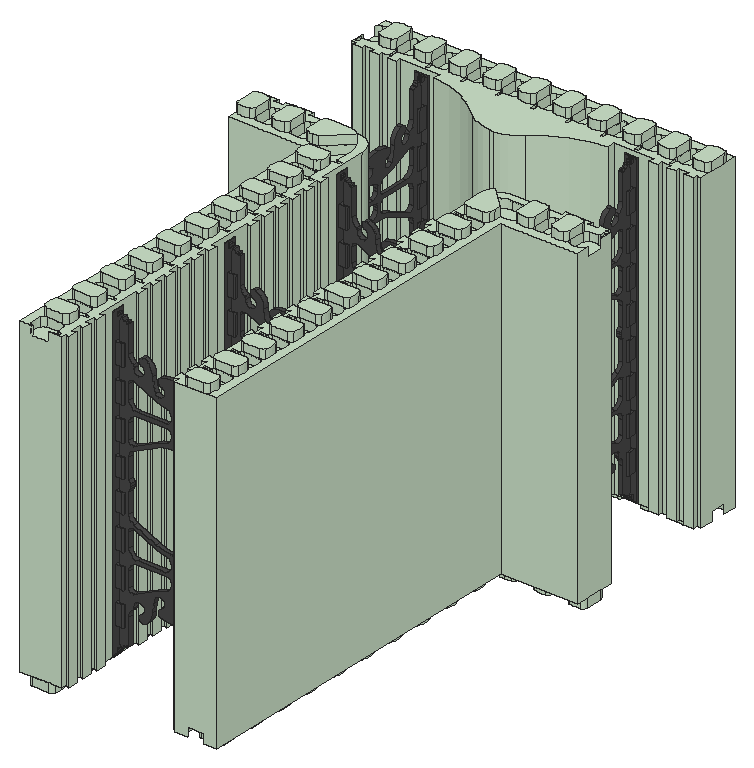
Revit family (continued)
Definition of nested family "NUDURA Logo Diamond"
  Lines and regions (in)
    model lines
      curve 221: arc (11.24744, 0, 5.87855) -> (11.35727, 0, 5.61339) -> (11.62244, 0, 5.50355) r 0.375
      curve 222: arc (12.37244, 0, 5.50355) -> (12.6376, 0, 5.61339) -> (12.74744, 0, 5.87855) r 0.375
      curve 223: line (9.99744, 0, 18) -> (9.99744, 0, 0)
      curve 224: line (13.99744, 0, 18) -> (13.99744, 0, 0)
      curve 225: line (15.99744, 0, 18) -> (15.99744, 0, 0)
Definition of nested family "NUDURA Diamond Pattern Missing Two Lines"
  Reference planes (in)
    plane 1 "Center (Front/Back)": y = 0
    plane 2: z = 0
    plane 3 "Center (Left/Right)": x = 0
    plane 4: z = 18
  Lines and regions (in)
    model lines
      curve 1: line (2, -5.625, 18) -> (2, -5.625, 0)
      curve 2: line (3.35367, -5.625, 16.98484) -> (3.69709, -5.625, 16.64142)
      curve 3: arc (3.35367, -5.625, 17.51517) -> (3.24384, -5.625, 17.25) -> (3.35367, -5.625, 16.98484) r 0.375
      curve 4: line (3.72867, -5.625, 17.89017) -> (3.35367, -5.625, 17.51517)
      curve 5: arc (4.259, -5.625, 17.89017) -> (3.99384, -5.625, 18) -> (3.72867, -5.625, 17.89017) r 0.375
      curve 6: line (4.634, -5.625, 17.51517) -> (4.259, -5.625, 17.89017)
      curve 7: arc (4.634, -5.625, 16.98484) -> (4.74384, -5.625, 17.25) -> (4.634, -5.625, 17.51517) r 0.375
      curve 8: line (4.29059, -5.625, 16.64142) -> (4.634, -5.625, 16.98484)
      curve 9: arc (4.17062, -5.625, 17.80178) -> (3.99384, -5.625, 17.875) -> (3.81706, -5.625, 17.80178) r 0.25
      curve 10: line (4.54562, -5.625, 17.42678) -> (4.17062, -5.625, 17.80178)
      curve 11: arc (4.54562, -5.625, 17.07322) -> (4.61884, -5.625, 17.25) -> (4.54562, -5.625, 17.42678) r 0.25
      curve 12: line (4.17062, -5.625, 16.69822) -> (4.54562, -5.625, 17.07322)
      curve 13: arc (3.81706, -5.625, 16.69822) -> (3.99384, -5.625, 16.625) -> (4.17062, -5.625, 16.69822) r 0.25
      curve 14: line (3.44206, -5.625, 17.07322) -> (3.81706, -5.625, 16.69822)
      curve 15: arc (3.44206, -5.625, 17.42678) -> (3.36884, -5.625, 17.25) -> (3.44206, -5.625, 17.07322) r 0.25
      curve 16: line (3.81706, -5.625, 17.80178) -> (3.44206, -5.625, 17.42678)
      curve 17: arc (3.69709, -5.625, 16.35858) -> (3.75567, -5.625, 16.5) -> (3.69709, -5.625, 16.64142) r 0.2
      curve 18: line (4.634, -5.625, 16.01517) -> (4.29059, -5.625, 16.35858)
      curve 19: arc (4.634, -5.625, 15.48484) -> (4.74384, -5.625, 15.75) -> (4.634, -5.625, 16.01517) r 0.375
      curve 20: line (4.29059, -5.625, 15.14142) -> (4.634, -5.625, 15.48484)
      curve 21: line (3.35367, -5.625, 15.48484) -> (3.69709, -5.625, 15.14142)
      curve 22: arc (3.35367, -5.625, 16.01517) -> (3.24384, -5.625, 15.75) -> (3.35367, -5.625, 15.48484) r 0.375
      curve 23: line (3.69709, -5.625, 16.35858) -> (3.35367, -5.625, 16.01517)
      curve 24: arc (4.17062, -5.625, 16.30178) -> (3.99384, -5.625, 16.375) -> (3.81706, -5.625, 16.30178) r 0.25
      curve 25: line (3.81706, -5.625, 16.30178) -> (3.44206, -5.625, 15.92678)
      curve 26: arc (3.44206, -5.625, 15.92678) -> (3.36884, -5.625, 15.75) -> (3.44206, -5.625, 15.57322) r 0.25
      curve 27: line (3.44206, -5.625, 15.57322) -> (3.81706, -5.625, 15.19822)
      curve 28: arc (3.81706, -5.625, 15.19822) -> (3.99384, -5.625, 15.125) -> (4.17062, -5.625, 15.19822) r 0.25
      curve 29: line (4.17062, -5.625, 15.19822) -> (4.54562, -5.625, 15.57322)
      curve 30: arc (4.54562, -5.625, 15.57322) -> (4.61884, -5.625, 15.75) -> (4.54562, -5.625, 15.92678) r 0.25
      curve 31: line (4.54562, -5.625, 15.92678) -> (4.17062, -5.625, 16.30178)
      curve 32: arc (3.69709, -5.625, 14.85858) -> (3.75567, -5.625, 15) -> (3.69709, -5.625, 15.14142) r 0.2
      curve 33: line (4.634, -5.625, 14.51517) -> (4.29059, -5.625, 14.85858)
      curve 34: arc (4.634, -5.625, 13.98484) -> (4.74384, -5.625, 14.25) -> (4.634, -5.625, 14.51517) r 0.375
      curve 35: line (4.29059, -5.625, 13.64142) -> (4.634, -5.625, 13.98484)
      curve 36: line (3.35367, -5.625, 13.98484) -> (3.69709, -5.625, 13.64142)
      curve 37: arc (3.35367, -5.625, 14.51517) -> (3.24384, -5.625, 14.25) -> (3.35367, -5.625, 13.98484) r 0.375
      curve 38: line (3.69709, -5.625, 14.85858) -> (3.35367, -5.625, 14.51517)
      curve 39: arc (4.17062, -5.625, 14.80178) -> (3.99384, -5.625, 14.875) -> (3.81706, -5.625, 14.80178) r 0.25
      curve 40: line (3.81706, -5.625, 14.80178) -> (3.44206, -5.625, 14.42678)
      curve 41: arc (3.44206, -5.625, 14.42678) -> (3.36884, -5.625, 14.25) -> (3.44206, -5.625, 14.07322) r 0.25
      curve 42: line (3.44206, -5.625, 14.07322) -> (3.81706, -5.625, 13.69822)
      curve 43: arc (3.81706, -5.625, 13.69822) -> (3.99384, -5.625, 13.625) -> (4.17062, -5.625, 13.69822) r 0.25
      curve 44: line (4.17062, -5.625, 13.69822) -> (4.54562, -5.625, 14.07322)
      curve 45: arc (4.54562, -5.625, 14.07322) -> (4.61884, -5.625, 14.25) -> (4.54562, -5.625, 14.42678) r 0.25
      curve 46: line (4.54562, -5.625, 14.42678) -> (4.17062, -5.625, 14.80178)
      curve 47: arc (3.69709, -5.625, 13.35858) -> (3.75567, -5.625, 13.5) -> (3.69709, -5.625, 13.64142) r 0.2
      curve 48: line (4.634, -5.625, 13.01517) -> (4.29059, -5.625, 13.35858)
      curve 49: arc (4.634, -5.625, 12.48484) -> (4.74384, -5.625, 12.75) -> (4.634, -5.625, 13.01517) r 0.375
      curve 50: line (4.29059, -5.625, 12.14142) -> (4.634, -5.625, 12.48484)
      curve 51: line (3.35367, -5.625, 12.48484) -> (3.69709, -5.625, 12.14142)
      curve 52: arc (3.35367, -5.625, 13.01517) -> (3.24384, -5.625, 12.75) -> (3.35367, -5.625, 12.48484) r 0.375
      curve 53: line (3.69709, -5.625, 13.35858) -> (3.35367, -5.625, 13.01517)
      curve 54: arc (4.17062, -5.625, 13.30178) -> (3.99384, -5.625, 13.375) -> (3.81706, -5.625, 13.30178) r 0.25
      curve 55: line (3.81706, -5.625, 13.30178) -> (3.44206, -5.625, 12.92678)
      curve 56: arc (3.44206, -5.625, 12.92678) -> (3.36884, -5.625, 12.75) -> (3.44206, -5.625, 12.57322) r 0.25
      curve 57: line (3.44206, -5.625, 12.57322) -> (3.81706, -5.625, 12.19822)
      curve 58: arc (3.81706, -5.625, 12.19822) -> (3.99384, -5.625, 12.125) -> (4.17062, -5.625, 12.19822) r 0.25
      curve 59: line (4.17062, -5.625, 12.19822) -> (4.54562, -5.625, 12.57322)
      curve 60: arc (4.54562, -5.625, 12.57322) -> (4.61884, -5.625, 12.75) -> (4.54562, -5.625, 12.92678) r 0.25
      curve 61: line (4.54562, -5.625, 12.92678) -> (4.17062, -5.625, 13.30178)
      curve 62: arc (3.69709, -5.625, 11.85858) -> (3.75567, -5.625, 12) -> (3.69709, -5.625, 12.14142) r 0.2
      curve 63: line (4.634, -5.625, 11.51517) -> (4.29059, -5.625, 11.85858)
      curve 64: arc (4.634, -5.625, 10.98484) -> (4.74384, -5.625, 11.25) -> (4.634, -5.625, 11.51517) r 0.375
      curve 65: line (4.29059, -5.625, 10.64142) -> (4.634, -5.625, 10.98484)
      curve 66: line (3.35367, -5.625, 10.98484) -> (3.69709, -5.625, 10.64142)
      curve 67: arc (3.35367, -5.625, 11.51517) -> (3.24384, -5.625, 11.25) -> (3.35367, -5.625, 10.98484) r 0.375
      curve 68: line (3.69709, -5.625, 11.85858) -> (3.35367, -5.625, 11.51517)
      curve 69: arc (4.17062, -5.625, 11.80178) -> (3.99384, -5.625, 11.875) -> (3.81706, -5.625, 11.80178) r 0.25
      curve 70: line (3.81706, -5.625, 11.80178) -> (3.44206, -5.625, 11.42678)
      curve 71: arc (3.44206, -5.625, 11.42678) -> (3.36884, -5.625, 11.25) -> (3.44206, -5.625, 11.07322) r 0.25
      curve 72: line (3.44206, -5.625, 11.07322) -> (3.81706, -5.625, 10.69822)
      curve 73: arc (3.81706, -5.625, 10.69822) -> (3.99384, -5.625, 10.625) -> (4.17062, -5.625, 10.69822) r 0.25
      curve 74: line (4.17062, -5.625, 10.69822) -> (4.54562, -5.625, 11.07322)
      curve 75: arc (4.54562, -5.625, 11.07322) -> (4.61884, -5.625, 11.25) -> (4.54562, -5.625, 11.42678) r 0.25
      curve 76: line (4.54562, -5.625, 11.42678) -> (4.17062, -5.625, 11.80178)
      curve 77: arc (3.69709, -5.625, 10.35858) -> (3.75567, -5.625, 10.5) -> (3.69709, -5.625, 10.64142) r 0.2
      curve 78: line (4.634, -5.625, 10.01517) -> (4.29059, -5.625, 10.35858)
      curve 79: arc (4.634, -5.625, 9.48484) -> (4.74384, -5.625, 9.75) -> (4.634, -5.625, 10.01517) r 0.375
      curve 80: line (4.29059, -5.625, 9.14142) -> (4.634, -5.625, 9.48484)
      curve 81: line (3.35367, -5.625, 9.48484) -> (3.69709, -5.625, 9.14142)
      curve 82: arc (3.35367, -5.625, 10.01517) -> (3.24384, -5.625, 9.75) -> (3.35367, -5.625, 9.48484) r 0.375
      curve 83: line (3.69709, -5.625, 10.35858) -> (3.35367, -5.625, 10.01517)
      curve 84: arc (4.17062, -5.625, 10.30178) -> (3.99384, -5.625, 10.375) -> (3.81706, -5.625, 10.30178) r 0.25
      curve 85: line (3.81706, -5.625, 10.30178) -> (3.44206, -5.625, 9.92678)
      curve 86: arc (3.44206, -5.625, 9.92678) -> (3.36884, -5.625, 9.75) -> (3.44206, -5.625, 9.57322) r 0.25
      curve 87: line (3.44206, -5.625, 9.57322) -> (3.81706, -5.625, 9.19822)
      curve 88: arc (3.81706, -5.625, 9.19822) -> (3.99384, -5.625, 9.125) -> (4.17062, -5.625, 9.19822) r 0.25
      curve 89: line (4.17062, -5.625, 9.19822) -> (4.54562, -5.625, 9.57322)
      curve 90: arc (4.54562, -5.625, 9.57322) -> (4.61884, -5.625, 9.75) -> (4.54562, -5.625, 9.92678) r 0.25
      curve 91: line (4.54562, -5.625, 9.92678) -> (4.17062, -5.625, 10.30178)
      curve 92: arc (3.69709, -5.625, 8.85858) -> (3.75567, -5.625, 9) -> (3.69709, -5.625, 9.14142) r 0.2
      curve 93: line (4.634, -5.625, 8.51517) -> (4.29059, -5.625, 8.85858)
      curve 94: arc (4.634, -5.625, 7.98484) -> (4.74384, -5.625, 8.25) -> (4.634, -5.625, 8.51517) r 0.375
      curve 95: line (4.29059, -5.625, 7.64142) -> (4.634, -5.625, 7.98484)
      curve 96: line (3.35367, -5.625, 7.98484) -> (3.69709, -5.625, 7.64142)
      curve 97: arc (3.35367, -5.625, 8.51517) -> (3.24384, -5.625, 8.25) -> (3.35367, -5.625, 7.98484) r 0.375
      curve 98: line (3.69709, -5.625, 8.85858) -> (3.35367, -5.625, 8.51517)
      curve 99: arc (4.17062, -5.625, 8.80178) -> (3.99384, -5.625, 8.875) -> (3.81706, -5.625, 8.80178) r 0.25
      curve 100: line (3.81706, -5.625, 8.80178) -> (3.44206, -5.625, 8.42678)
      curve 101: arc (3.44206, -5.625, 8.42678) -> (3.36884, -5.625, 8.25) -> (3.44206, -5.625, 8.07322) r 0.25
      curve 102: line (3.44206, -5.625, 8.07322) -> (3.81706, -5.625, 7.69822)
      curve 103: arc (3.81706, -5.625, 7.69822) -> (3.99384, -5.625, 7.625) -> (4.17062, -5.625, 7.69822) r 0.25
      curve 104: line (4.17062, -5.625, 7.69822) -> (4.54562, -5.625, 8.07322)
      curve 105: arc (4.54562, -5.625, 8.07322) -> (4.61884, -5.625, 8.25) -> (4.54562, -5.625, 8.42678) r 0.25
      curve 106: line (4.54562, -5.625, 8.42678) -> (4.17062, -5.625, 8.80178)
      curve 107: arc (3.69709, -5.625, 7.35858) -> (3.75567, -5.625, 7.5) -> (3.69709, -5.625, 7.64142) r 0.2
      curve 108: line (4.634, -5.625, 7.01517) -> (4.29059, -5.625, 7.35858)
      curve 109: arc (4.634, -5.625, 6.48484) -> (4.74384, -5.625, 6.75) -> (4.634, -5.625, 7.01517) r 0.375
      curve 110: line (4.29059, -5.625, 6.14142) -> (4.634, -5.625, 6.48484)
      curve 111: line (3.35367, -5.625, 6.48484) -> (3.69709, -5.625, 6.14142)
      curve 112: arc (3.35367, -5.625, 7.01517) -> (3.24384, -5.625, 6.75) -> (3.35367, -5.625, 6.48484) r 0.375
      curve 113: line (3.69709, -5.625, 7.35858) -> (3.35367, -5.625, 7.01517)
      curve 114: arc (4.17062, -5.625, 7.30178) -> (3.99384, -5.625, 7.375) -> (3.81706, -5.625, 7.30178) r 0.25
      curve 115: line (3.81706, -5.625, 7.30178) -> (3.44206, -5.625, 6.92678)
      curve 116: arc (3.44206, -5.625, 6.92678) -> (3.36884, -5.625, 6.75) -> (3.44206, -5.625, 6.57322) r 0.25
      curve 117: line (3.44206, -5.625, 6.57322) -> (3.81706, -5.625, 6.19822)
      curve 118: arc (3.81706, -5.625, 6.19822) -> (3.99384, -5.625, 6.125) -> (4.17062, -5.625, 6.19822) r 0.25
      curve 119: line (4.17062, -5.625, 6.19822) -> (4.54562, -5.625, 6.57322)
      curve 120: arc (4.54562, -5.625, 6.57322) -> (4.61884, -5.625, 6.75) -> (4.54562, -5.625, 6.92678) r 0.25
      curve 121: line (4.54562, -5.625, 6.92678) -> (4.17062, -5.625, 7.30178)
      curve 122: arc (3.69709, -5.625, 5.85858) -> (3.75567, -5.625, 6) -> (3.69709, -5.625, 6.14142) r 0.2
      curve 123: line (4.634, -5.625, 5.51517) -> (4.29059, -5.625, 5.85858)
      curve 124: arc (4.634, -5.625, 4.98484) -> (4.74384, -5.625, 5.25) -> (4.634, -5.625, 5.51517) r 0.375
      curve 125: line (4.29059, -5.625, 4.64142) -> (4.634, -5.625, 4.98484)
      curve 126: line (3.35367, -5.625, 4.98484) -> (3.69709, -5.625, 4.64142)
      curve 127: arc (3.35367, -5.625, 5.51517) -> (3.24384, -5.625, 5.25) -> (3.35367, -5.625, 4.98484) r 0.375
      curve 128: line (3.69709, -5.625, 5.85858) -> (3.35367, -5.625, 5.51517)
      curve 129: arc (4.17062, -5.625, 5.80178) -> (3.99384, -5.625, 5.875) -> (3.81706, -5.625, 5.80178) r 0.25
      curve 130: line (3.81706, -5.625, 5.80178) -> (3.44206, -5.625, 5.42678)
      curve 131: arc (3.44206, -5.625, 5.42678) -> (3.36884, -5.625, 5.25) -> (3.44206, -5.625, 5.07322) r 0.25
      curve 132: line (3.44206, -5.625, 5.07322) -> (3.81706, -5.625, 4.69822)
      curve 133: arc (3.81706, -5.625, 4.69822) -> (3.99384, -5.625, 4.625) -> (4.17062, -5.625, 4.69822) r 0.25
      curve 134: line (4.17062, -5.625, 4.69822) -> (4.54562, -5.625, 5.07322)
      curve 135: arc (4.54562, -5.625, 5.07322) -> (4.61884, -5.625, 5.25) -> (4.54562, -5.625, 5.42678) r 0.25
      curve 136: line (4.54562, -5.625, 5.42678) -> (4.17062, -5.625, 5.80178)
      curve 137: arc (3.69709, -5.625, 4.35858) -> (3.75567, -5.625, 4.5) -> (3.69709, -5.625, 4.64142) r 0.2
      curve 138: line (4.634, -5.625, 4.01517) -> (4.29059, -5.625, 4.35858)
      curve 139: arc (4.634, -5.625, 3.48484) -> (4.74384, -5.625, 3.75) -> (4.634, -5.625, 4.01517) r 0.375
      curve 140: line (4.29059, -5.625, 3.14142) -> (4.634, -5.625, 3.48484)
      curve 141: line (3.35367, -5.625, 3.48484) -> (3.69709, -5.625, 3.14142)
      curve 142: arc (3.35367, -5.625, 4.01517) -> (3.24384, -5.625, 3.75) -> (3.35367, -5.625, 3.48484) r 0.375
      curve 143: line (3.69709, -5.625, 4.35858) -> (3.35367, -5.625, 4.01517)
      curve 144: arc (4.17062, -5.625, 4.30178) -> (3.99384, -5.625, 4.375) -> (3.81706, -5.625, 4.30178) r 0.25
      curve 145: line (3.81706, -5.625, 4.30178) -> (3.44206, -5.625, 3.92678)
      curve 146: arc (3.44206, -5.625, 3.92678) -> (3.36884, -5.625, 3.75) -> (3.44206, -5.625, 3.57322) r 0.25
      curve 147: line (3.44206, -5.625, 3.57322) -> (3.81706, -5.625, 3.19822)
      curve 148: arc (3.81706, -5.625, 3.19822) -> (3.99384, -5.625, 3.125) -> (4.17062, -5.625, 3.19822) r 0.25
      curve 149: line (4.17062, -5.625, 3.19822) -> (4.54562, -5.625, 3.57322)
      curve 150: arc (4.54562, -5.625, 3.57322) -> (4.61884, -5.625, 3.75) -> (4.54562, -5.625, 3.92678) r 0.25
      curve 151: line (4.54562, -5.625, 3.92678) -> (4.17062, -5.625, 4.30178)
      curve 152: arc (3.69709, -5.625, 2.85858) -> (3.75567, -5.625, 3) -> (3.69709, -5.625, 3.14142) r 0.2
      curve 153: line (4.634, -5.625, 2.51517) -> (4.29059, -5.625, 2.85858)
      curve 154: arc (4.634, -5.625, 1.98484) -> (4.74384, -5.625, 2.25) -> (4.634, -5.625, 2.51517) r 0.375
      curve 155: line (4.29059, -5.625, 1.64142) -> (4.634, -5.625, 1.98484)
      curve 156: line (3.35367, -5.625, 1.98484) -> (3.69709, -5.625, 1.64142)
      curve 157: arc (3.35367, -5.625, 2.51517) -> (3.24384, -5.625, 2.25) -> (3.35367, -5.625, 1.98484) r 0.375
      curve 158: line (3.69709, -5.625, 2.85858) -> (3.35367, -5.625, 2.51517)
      curve 159: arc (4.17062, -5.625, 2.80178) -> (3.99384, -5.625, 2.875) -> (3.81706, -5.625, 2.80178) r 0.25
      curve 160: line (3.81706, -5.625, 2.80178) -> (3.44206, -5.625, 2.42678)
      curve 161: arc (3.44206, -5.625, 2.42678) -> (3.36884, -5.625, 2.25) -> (3.44206, -5.625, 2.07322) r 0.25
      curve 162: line (3.44206, -5.625, 2.07322) -> (3.81706, -5.625, 1.69822)
      curve 163: arc (3.81706, -5.625, 1.69822) -> (3.99384, -5.625, 1.625) -> (4.17062, -5.625, 1.69822) r 0.25
      curve 164: line (4.17062, -5.625, 1.69822) -> (4.54562, -5.625, 2.07322)
      curve 165: arc (4.54562, -5.625, 2.07322) -> (4.61884, -5.625, 2.25) -> (4.54562, -5.625, 2.42678) r 0.25
      curve 166: line (4.54562, -5.625, 2.42678) -> (4.17062, -5.625, 2.80178)
      curve 167: arc (3.69709, -5.625, 1.35858) -> (3.75567, -5.625, 1.5) -> (3.69709, -5.625, 1.64142) r 0.2
      curve 168: line (3.69709, -5.625, 1.35858) -> (3.35367, -5.625, 1.01517)
      curve 169: arc (3.35367, -5.625, 1.01517) -> (3.24384, -5.625, 0.75) -> (3.35367, -5.625, 0.48484) r 0.375
      curve 170: line (3.35367, -5.625, 0.48484) -> (3.72867, -5.625, 0.10984)
      curve 171: arc (3.72867, -5.625, 0.10984) -> (3.99384, -5.625, 0) -> (4.259, -5.625, 0.10984) r 0.375
      curve 172: line (4.259, -5.625, 0.10984) -> (4.634, -5.625, 0.48484)
      curve 173: arc (4.634, -5.625, 0.48484) -> (4.74384, -5.625, 0.75) -> (4.634, -5.625, 1.01517) r 0.375
      curve 174: line (4.634, -5.625, 1.01517) -> (4.29059, -5.625, 1.35858)
      curve 175: arc (4.29059, -5.625, 1.64142) -> (4.23201, -5.625, 1.5) -> (4.29059, -5.625, 1.35858) r 0.2
      curve 176: arc (4.17062, -5.625, 1.30178) -> (3.99384, -5.625, 1.375) -> (3.81706, -5.625, 1.30178) r 0.25
      curve 177: line (4.54562, -5.625, 0.92678) -> (4.17062, -5.625, 1.30178)
      curve 178: arc (4.54562, -5.625, 0.57322) -> (4.61884, -5.625, 0.75) -> (4.54562, -5.625, 0.92678) r 0.25
      curve 179: line (4.17062, -5.625, 0.19822) -> (4.54562, -5.625, 0.57322)
      curve 180: arc (3.81706, -5.625, 0.19822) -> (3.99384, -5.625, 0.125) -> (4.17062, -5.625, 0.19822) r 0.25
      curve 181: line (3.44206, -5.625, 0.57322) -> (3.81706, -5.625, 0.19822)
      curve 182: arc (3.44206, -5.625, 0.92678) -> (3.36884, -5.625, 0.75) -> (3.44206, -5.625, 0.57322) r 0.25
      curve 183: line (3.81706, -5.625, 1.30178) -> (3.44206, -5.625, 0.92678)
      curve 184: arc (4.29059, -5.625, 3.14142) -> (4.23201, -5.625, 3) -> (4.29059, -5.625, 2.85858) r 0.2
      curve 185: arc (4.29059, -5.625, 4.64142) -> (4.23201, -5.625, 4.5) -> (4.29059, -5.625, 4.35858) r 0.2
      curve 186: arc (4.29059, -5.625, 6.14142) -> (4.23201, -5.625, 6) -> (4.29059, -5.625, 5.85858) r 0.2
      curve 187: arc (4.29059, -5.625, 7.64142) -> (4.23201, -5.625, 7.5) -> (4.29059, -5.625, 7.35858) r 0.2
      curve 188: arc (4.29059, -5.625, 9.14142) -> (4.23201, -5.625, 9) -> (4.29059, -5.625, 8.85858) r 0.2
      curve 189: arc (4.29059, -5.625, 10.64142) -> (4.23201, -5.625, 10.5) -> (4.29059, -5.625, 10.35858) r 0.2
      curve 190: arc (4.29059, -5.625, 12.14142) -> (4.23201, -5.625, 12) -> (4.29059, -5.625, 11.85858) r 0.2
      curve 191: arc (4.29059, -5.625, 13.64142) -> (4.23201, -5.625, 13.5) -> (4.29059, -5.625, 13.35858) r 0.2
      curve 192: arc (4.29059, -5.625, 15.14142) -> (4.23201, -5.625, 15) -> (4.29059, -5.625, 14.85858) r 0.2
      curve 193: arc (4.29059, -5.625, 16.64142) -> (4.23201, -5.625, 16.5) -> (4.29059, -5.625, 16.35858) r 0.2
